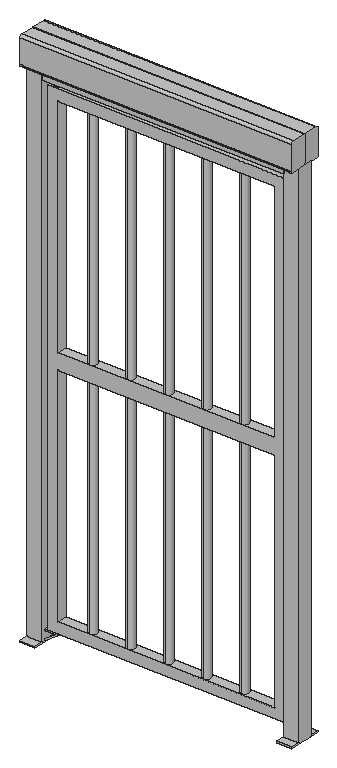
Revit family "CAME_Калитка_Полноростовая_GUARDIAN_GATE", category Специальное оборудование, Revit 2019
Family settings
  Размер круглого соединителя = Использовать диаметр
  Тип детали = Нормальный
  На основе рабочей плоскости = Нет
  Всегда вертикально = Да
  При загрузке вырезать с полостями = Нет
  Общий = Нет
  Точка расчета площади = Нет
Parameters
  Описание = "Калитка полноростовая электромеханическая, для эксплуатации внутри помещений и на открытом воздухе. Корпус из оцинкованной окрашенной стали. Створка двухсторонняя 900 мм из нержавеющей стали AISI 304 с электрозамком и доводчиком."
  Изготовитель = "CAME"  # constant formula
  Группа модели = "Турникеты"
  Watermark [instance] = "Модели защищены уникальным кодом"
  URL = "https://camerussia.com"
  CAME_Тип механизма турникета = "электромеханический"  # constant formula
  CAME_Максимальное количество проходов в минуту = "10-25"  # constant formula
  CAME_Класс защиты (IP) = "56"  # constant formula
  CAME_Интенсивность использования (%) = "ИНТЕНСИВНОЕ"  # constant formula
  CAME_Диапазон рабочих температур (°C) = "-20 ÷ +68"  # constant formula
  BL_Разработано = "support@bimlib.pro"  # constant formula
  BL_Email = "cru.info@came.com"  # constant formula
  BL_BIM library = "https://bimlib.pro/manufacturer/came/cf0b6efe-31e5-4ffa-b7ea-1d6fa84041d4/?tab=products"
  ADSK_Размер_Ширина = 1075 mm  # constant formula
  ADSK_Размер_Глубина = 130 mm  # constant formula
  ADSK_Размер_Высота = 2150 mm  # constant formula
  ADSK_Полная мощность = ADSK_Номинальная мощность / ADSK_Коэффициент мощности  # 22.5 VA
  ADSK_Обозначение = "ТУ 26.30.50-001-89603926-2021"  # constant formula
  ADSK_Номинальная мощность = 21.6 W  # constant formula
  ADSK_Напряжение = 24 V  # constant formula
  ADSK_Наименование краткое = "Калитка э/мех. GUARDIAN GATE"  # constant formula
  ADSK_Наименование = "Калитка полноростовая электромеханическая GUARDIAN GATE, створка двухсторонняя 900 мм"  # constant formula
  ADSK_Масса_Текст = "60 кг"  # constant formula
  ADSK_Масса = 60  # constant formula
  ADSK_Марка = "АРТ:001PSSGS"  # constant formula
  ADSK_Коэффициент мощности = 0.96
  ADSK_Количество фаз = 1  # constant formula
  ADSK_Количество = 1  # constant formula
  ADSK_Код изделия = "Код КСР 26.30.50.119.61.2.07.09"  # constant formula
  ADSK_Классификация нагрузок = Прочее
  ADSK_Завод-изготовитель = "CAME"  # constant formula
  ADSK_Единица измерения = "шт."  # constant formula
  ADSK_Группирование = "GUARDIAN"  # constant formula
  ADSK_Версия семейства = "1.0"  # constant formula
  ADSK_Версия Revit = "2019"  # constant formula
  ADSK_URL страницы изделия = "https://camerussia.com/product/001pssgs/"
  ADSK_URL документации изделия = "https://camerussia.com/uploads/support/instructions/files/Инструкция%20GUARDIAN%20ECO%20-%20BTX.pdf"
Reference planes
  plane 1 "По центру (Вперед/Назад)": y = 0
  plane 2: z = 0
  plane 3 "По центру (Влево/Вправо)": x = 0
  plane 4: y = 65
  plane 5: y = -65
  plane 6: z = 2150
  plane 7: x = -537.5
  plane 8: x = 537.5
  plane 9: z = 2040
  plane 10: z = 5
  plane 11: z = 50
  plane 12: z = 2000
  plane 13: z = 1980
  plane 14: x = 477.5
  plane 15: x = -422.5
  plane 16: x = -477.5
  plane 17: x = -442.5
  plane 18: z = 1940
  plane 19: z = 1015
Forms (mm)
  Extrusion 1, solid, material "CAME_Сталь_Нержавеющая_AISI 304", detail levels fine
    sketch origin (0, 0, 0) x (1, 0, 0) y (0, 1, 0)
      loop
        line (537.5, 65) -> (477.5, 65) -> (477.5, 30) -> (537.5, 30) -> (537.5, 65)
      loop
        line (537.5, -65) -> (537.5, -30) -> (477.5, -30) -> (477.5, -65) -> (537.5, -65)
      loop
        line (-537.5, 65) -> (-537.5, 30) -> (-477.5, 30) -> (-477.5, 65) -> (-537.5, 65)
      loop
        line (-537.5, -65) -> (-477.5, -65) -> (-477.5, -30) -> (-537.5, -30) -> (-537.5, -65)
    from 0 to 5
  Extrusion 2, solid, material "CAME_Сталь_Нержавеющая_AISI 304", detail levels medium+fine
    sketch origin (0, 0, 0) x (1, 0, 0) y (0, 1, 0)
      loop
        line (-537.5, 30) -> (-537.5, -30) -> (-477.5, -30) -> (-477.5, 30) -> (-537.5, 30)
      loop
        line (477.5, 30) -> (477.5, -30) -> (537.5, -30) -> (537.5, 30) -> (477.5, 30)
    from 0 to 2040
  Extrusion 3, solid, material "CAME_Сталь_Нержавеющая_AISI 304", detail levels medium+fine
    sketch origin (0, 0, 0) x (1, 0, 0) y (0, 0, 1)
      loop
        line (-477.5, 2040) -> (-477.5, 2000) -> (477.5, 2000) -> (477.5, 2040) -> (-477.5, 2040)
    from -30 to 30
  Extrusion 4, solid, material "CAME_Сталь_Нержавеющая_AISI 304", detail levels medium+fine
    sketch origin (0, 0, 0) x (1, 0, 0) y (0, 0, 1)
      loop
        line (-462.5, 1980) -> (-462.5, 50) -> (477.5, 50) -> (477.5, 1980) -> (-462.5, 1980)
      loop
        line (-422.5, 1940) -> (-422.5, 1045) -> (437.5, 1045) -> (437.5, 1940) -> (-422.5, 1940)
      loop
        line (-422.5, 90) -> (437.5, 90) -> (437.5, 985) -> (-422.5, 985) -> (-422.5, 90)
    from -20 to 20
  Extrusion 5, solid, material "CAME_Сталь_Нержавеющая_AISI 304", detail levels fine
    sketch origin (0, 0, 0) x (1, 0, 0) y (0, 1, 0)
      loop
        circle (-442.5, 0) r 10
    from 48.511 to 2000
  Extrusion 6, solid, material "CAME_Сталь_Нержавеющая_AISI 304", detail levels fine
    sketch origin (0, 0, 0) x (1, 0, 0) y (0, 0, 1)
      loop
        line (-477.5, 43.511) -> (-431.217, 43.511) -> (-477.5, 11.104) -> (-477.5, 5) -> (-422.5, 43.511) -> (-422.5, 48.511) -> (-477.5, 48.511) -> (-477.5, 43.511)
    from -20 to 20
  Extrusion 7, solid, material "CAME_Сталь_Нержавеющая_AISI 304", detail levels medium+fine
    sketch origin (852.406, -1524, 50) x (0, -1, 0) y (-1, 0, 0)
      loop
        circle (-1524, 852.406) r 15
      loop
        circle (-1524, 702.406) r 15
      loop
        circle (-1524, 552.406) r 15
      loop
        circle (-1524, 1002.406) r 15
      loop
        circle (-1524, 1152.406) r 15
    from -1890 to -40
  Extrusion 8, solid, material "CAME_Сталь_Нержавеющая_AISI 304", detail levels fine
    sketch origin (0, 0, 0) x (0, 1, 0) y (0, 0, 1)
      loop
        line (-1, 2150) -> (-55, 2150)
        arc (-55, 2150) -> (-62.071, 2147.071) -> (-65, 2140) r 10
        line (-65, 2140) -> (-65, 2045)
        arc (-65, 2045) -> (-63.536, 2041.464) -> (-60, 2040) r 5
        line (-60, 2040) -> (-1, 2040) -> (-1, 2150)
      loop
        line (55, 2150) -> (1, 2150) -> (1, 2040) -> (60, 2040)
        arc (60, 2040) -> (63.536, 2041.464) -> (65, 2045) r 5
        line (65, 2045) -> (65, 2140)
        arc (65, 2140) -> (62.071, 2147.071) -> (55, 2150) r 10
    from -537.5 to 537.5
  Extrusion 9, solid, material "CAME_Сталь_Нержавеющая_AISI 304", detail levels medium
    sketch origin (0, 0, 0) x (0, 1, 0) y (0, 0, 1)
      loop
        line (65, 2150) -> (-65, 2150) -> (-65, 2040) -> (65, 2040) -> (65, 2150)
    from -537.5 to 537.5
Cuts and joins
  joined: Extrusion 4, Extrusion 7
Lines and regions (mm)
  model lines, style "CAME", detail levels coarse
    curve 1: line (-537.5, 30, 0) -> (-477.5, 30, 0)
    curve 2: line (-537.5, -30, 0) -> (-537.5, 30, 0)
    curve 3: line (-477.5, -30, 0) -> (-537.5, -30, 0)
    curve 4: line (-477.5, 30, 0) -> (-477.5, -30, 0)
    curve 5: line (477.5, 30, 0) -> (537.5, 30, 0)
    curve 6: line (477.5, -30, 0) -> (477.5, 30, 0)
    curve 7: line (537.5, -30, 0) -> (477.5, -30, 0)
    curve 8: line (537.5, 30, 0) -> (537.5, -30, 0)
    curve 9: line (-422.5, 0, 0) -> (-477.5, 0, 0)
    curve 10: line (-422.5, 0, 0) -> (-422.5, 900, 0)
    curve 11: arc (-422.5, 900, 0) -> (213.896, 636.396, 0) -> (477.5, 0, 0) r 900
  model lines, style "CAME_Штрих", detail levels coarse
    curve 12: line (-422.5, 0, 0) -> (-422.5, -900, 0)
    curve 13: arc (-422.5, -900, 0) -> (213.896, -636.396, 0) -> (477.5, 0, 0) r 900
Dimensions and locks
  equal spacing: plane 5, plane 1 "По центру (Вперед/Назад)", plane 4
  "ADSK_Размер_Глубина": plane 5 to plane 4
  "ADSK_Размер_Высота": plane 6 to plane 2
  equal spacing: plane 7, plane 3 "По центру (Влево/Вправо)", plane 8
  "ADSK_Размер_Ширина": plane 7 to plane 8
  locked: plane 6 to plane 9 at 110
  locked: plane 12 to plane 2 at 2000
  locked: plane 12 to plane 13 at 20
  locked: plane 11 to plane 2 at 50
  locked: plane 10 to plane 2 at 5
  plane 15 to plane 14 to plane 8 = 900 mm locked, 60 mm locked
  locked: plane 7 to plane 16 at 60
  Extrusion 2 sketch curve to plane 1 "По центру (Вперед/Назад)" to Extrusion 2 sketch curve = 30 mm locked, 30 mm locked  (x2)
  locked: plane 15 to Extrusion 4 sketch curve at 40
  Extrusion 4 sketch curve to plane 14 = 40 mm
  locked: plane 13 to Extrusion 4 sketch curve at 40
  locked: Extrusion 4 sketch curve to plane 11 at 40
  locked: plane 17 to plane 15 at 20
  plane 11 to Extrusion 6 sketch curve to Extrusion 6 sketch curve = 1.489 mm locked, 5 mm locked
  locked: Extrusion 6 sketch curve to Extrusion 6 sketch curve at 5
  Extrusion 7 sketch curve to Extrusion 7 sketch curve to plane 3 "По центру (Влево/Вправо)" to Extrusion 7 sketch curve to Extrusion 7 sketch curve = 150 mm locked, 150 mm locked, 150 mm locked, 150 mm locked
  locked: plane 13 to plane 18 at 40
  equal spacing: plane 13, plane 19, plane 11
  Extrusion 4 sketch curve to plane 19 to Extrusion 4 sketch curve = 30 mm locked, 30 mm locked
  Extrusion 8 sketch curve to plane 1 "По центру (Вперед/Назад)" to Extrusion 8 sketch curve = 1 mm locked, 1 mm locked
  curve 3 to plane 1 "По центру (Вперед/Назад)" to curve 1 = 30 mm locked, 30 mm locked
  radius of Extrusion 8 sketch curve = 10 mm  (x2)
  radius of Extrusion 8 sketch curve = 5 mm  (x2)
  radius of curve 11 = 900 mm
  radius of curve 13 = 900 mm
  locked: plane 10 to Extrusion 6 sketch curve (angle 35.00°)
  aligned and locked: level to plane 2
  aligned and locked: plane 4 to Extrusion 1 sketch curve
  aligned and locked: plane 8 to Extrusion 1 sketch curve  (x2)
  aligned and locked: plane 5 to Extrusion 1 sketch curve
  aligned and locked: plane 14 to Extrusion 1 sketch curve  (x2)
  aligned and locked: Extrusion 1 sketch curve to plane 4
  aligned and locked: Extrusion 1 sketch curve to plane 7  (x2)
  aligned and locked: Extrusion 1 sketch curve to plane 5
  aligned and locked: Extrusion 1 sketch curve to plane 16  (x2)
  aligned and locked: Extrusion 1 to plane 10
  aligned and locked: Extrusion 2 sketch curve to plane 7
  aligned and locked: Extrusion 2 sketch curve to plane 16
  aligned and locked: Extrusion 2 sketch curve to plane 14
  aligned and locked: Extrusion 2 sketch curve to plane 8
  aligned and locked: plane 9 to Extrusion 2
  aligned and locked: Extrusion 3 sketch curve to plane 9
  aligned and locked: Extrusion 3 sketch curve to plane 12
  aligned and locked: plane 16 to Extrusion 3 sketch curve
  aligned and locked: plane 14 to Extrusion 3 sketch curve
  aligned and locked: plane 13 to Extrusion 4 sketch curve
  aligned and locked: Extrusion 4 sketch curve to plane 11
  aligned and locked: plane 14 to Extrusion 4 sketch curve
  aligned and locked: plane 15 to Extrusion 4 sketch curve
  aligned and locked: plane 1 "По центру (Вперед/Назад)" to Extrusion 5 sketch curve
  aligned and locked: plane 17 to Extrusion 5 sketch curve
  aligned and locked: Extrusion 5 to plane 12
  aligned and locked: plane 16 to Extrusion 6 sketch curve  (x2)
  aligned and locked: Extrusion 6 sketch curve to plane 15
  aligned and locked: plane 10 to Extrusion 6 sketch curve
  aligned and locked: Extrusion 5 to Extrusion 6
  aligned and locked: plane 3 "По центру (Влево/Вправо)" to Extrusion 7 sketch curve
  aligned and locked: plane 1 "По центру (Вперед/Назад)" to Extrusion 7 sketch curve  (x5)
  aligned and locked: plane 18 to Extrusion 7
  aligned and locked: Extrusion 4 sketch curve to Extrusion 4 sketch curve  (x2)
  aligned and locked: plane 6 to Extrusion 8 sketch curve  (x2)
  aligned and locked: Extrusion 8 sketch curve to plane 9  (x2)
  aligned and locked: plane 5 to Extrusion 8 sketch curve
  aligned and locked: plane 4 to Extrusion 8 sketch curve
  aligned and locked: plane 8 to Extrusion 8
  aligned and locked: plane 7 to Extrusion 8
  aligned and locked: plane 6 to Extrusion 9 sketch curve
  aligned and locked: plane 4 to Extrusion 9 sketch curve
  aligned and locked: Extrusion 9 sketch curve to plane 9
  aligned and locked: plane 5 to Extrusion 9 sketch curve
  aligned and locked: plane 8 to Extrusion 9
  aligned and locked: plane 7 to Extrusion 9
  aligned and locked: curve 2 to plane 7
  aligned and locked: curve 4 to plane 16
  aligned and locked: curve 1 to curve 5
  aligned and locked: curve 6 to plane 14
  aligned and locked: curve 7 to curve 3
  aligned and locked: curve 8 to plane 8
  aligned and locked: curve 12 to plane 15
  aligned and locked: plane 1 "По центру (Вперед/Назад)" to curve 12
Automatic sketch dimensions
  plane 1 "По центру (Вперед/Назад)" to Extrusion 1 sketch curve = 30 mm  (x2)
  Extrusion 1 sketch curve to plane 1 "По центру (Вперед/Назад)" = 30 mm  (x2)
  curve 11 to curve 13 = 0 mm
  plane 1 "По центру (Вперед/Назад)" to curve 11 = 0 mm
  radius of Extrusion 5 sketch curve = 10 mm
  radius of Extrusion 7 sketch curve = 15 mm  (x5)
Connectors
  electrical at (-507.5, 0, 0), driven by "ADSK_Количество фаз", driven by "ADSK_Напряжение", driven by "ADSK_Полная мощность", driven by "ADSK_Коэффициент мощности"
    settings: on Extrusion 2, index 1, voltage 24 V, apparent load 0 VA, apparent load phase1 22.5 VA, apparent load phase2 0 VA, apparent load phase3 0 VA, power factor 0.96, load classification "Прочее", number of poles 1, system type 31, power factor state 1, is connector primary yes, connector utility no, sub classification motor no, connector description ""
